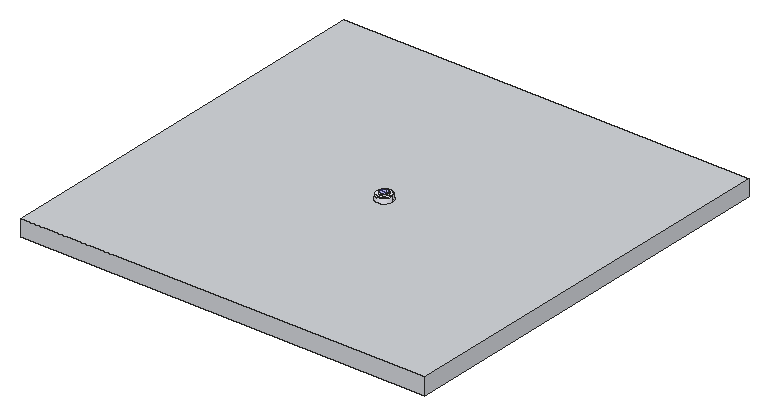
Revit family "BEG-92880", category Dispositifs d'éclairage, Revit 2015
Parameters
  Detection zone [instance] = yes
  Seat area [instance] = height position < 301 cm  # yes
  URL = "http://www.luxomat.com/en-92880"
  Type of output = "KNX"
  Ambiant temperature = "-25°C to +50°C"
  Ref = "92880"
  Relay = "0"
  height position [instance] = 250 cm
  direct Range [instance] = height position * 2.4  # 600 cm
  transversal Range [instance] = height position * 4  # 1000 cm
  Modèle = "PD2-KNX-SM"
  Installation type = "Ceiling"
  Brand = "LUXOMAT"
  Image du type = 92550.jpg
  IP = "20"
  Mounting height max = Installation height max  # 300 cm
  Installation height max = 300 cm
  Fabricant = "B.E.G"
  Label [instance] = yes
  Default Elevation = 0 cm
  Consumption = "7mA"
  Commentaires du type = "Occupancy detector PD2-KNX-SM"
  Code d'assemblage = "D5010200"
  Class = "2"
  Switching power LED = "0"
  Switching power Cos ɸ =1 = "0"
  Switching power Cos ɸ =0.5 = "0"
  Power voltage = "24 V DC BUS"
  seated activity [instance] = height position * 1.6  # 400 cm
Reference planes (cm)
  plane 1 "Centre (avant/arrière)": y = 0
  plane 2: z = 0
  plane 3 "Centre (gauche/droite)": x = 0
Forms (cm)
  Extrusion 1, solid
    sketch origin (0, 0, 0) x (1, 0, 0) y (0, 1, 0)
      loop
        line (-121.92, 121.92) -> (-121.92, -121.92) -> (121.92, -121.92) -> (121.92, 121.92) -> (-121.92, 121.92)
    from 0 to -10
Dimensions and locks (cm)
  aligned and locked: plane 2 to Extrusion 1
  aligned and locked: level to Extrusion 1
  aligned and locked: nested 2 to plane 2
Nested families (cm)
  nested 1: "Famille1" at (0, -72.6659, 0) x (-1, 0, 0) z (0, 0, 1), reference <- "Ref", modele <- "Modèle", visible <- "Label", type "Famille1"
    with reference "92880", modele "PD2-KNX-SM"
  nested 2: "M8" at (0, 0, 0), type "Standard"
  nested 3: "zone G" at (0, 0, 0) x (-1, 0, 0) z (0, 0, 1), visible <- "Detection zone", activité assise <- "seated activity", biais <- "transversal Range", frontal <- "direct Range", Zone assise <- "Seat area", type "zone G"
    with position 2 240 cm, position 1 400 cm, frontal 600 cm, biais 1000 cm, activité assise 400 cm, Zone assise yes
  nested 4: "Plafond 360° 2D" at (0, 0, 0), type "Plafond 360° 2D"
Connectors (cm)
  electrical at (0, 0, 0)
    settings: on nested 2, index 1, voltage 24 V, apparent load 0 VA, apparent load phase1 0 VA, apparent load phase2 0 VA, apparent load phase3 0 VA, power factor 1, load classification "Eclairage", number of poles 1, system type 31, power factor state 1, is connector primary yes, connector utility no, sub classification motor no, connector description ""
Definition of nested family "M8"
  Reference planes (cm)
    plane 1 "Centre (avant/arrière)": y = 0
    plane 2: z = 0
    plane 3 "Centre (gauche/droite)": x = 0
    plane 4: y = 0
  Forms (cm)
    Revolve 1, solid
      sketch origin (0, 0, 0) x (-1, 0, 0) y (0, 0, 1)
        loop
          line (0, 0) -> (0, 3.6) -> (-2.45, 3.6) -> (-2.6598, 3.35) -> (-2.6598, 3.1) -> (-4.3661, 2.8) -> (-4.69, 2.4) -> (-4.9, 0) -> (0, 0)
        axis (0, 0) -> (0, 3.6)
      angle from 0 to 360
    Revolve 2, solid
      sketch origin (0, 0, 0) x (-1, 0, 0) y (0, 0, 1)
        loop
          line (0, 3.6) -> (0, 5)
          arc (0, 5) -> (-1.3892, 4.6244) -> (-2.4, 3.6) r 2.7571
          line (-2.4, 3.6) -> (0, 3.6)
        axis (0, 3.6) -> (0, 5)
      angle from 0 to 360
  Lines and regions (cm)
    reference lines
      curve 1: line (0, 0, 0) -> (0, 0, 5)
      curve 2: line (2.45, 0, 3.6) -> (0, 0, 3.6)
      curve 3: line (2.6598, 0, 3.35) -> (2.45, 0, 3.6)
      curve 4: line (2.6598, 0, 3.35) -> (2.6598, 0, 3.1)
      curve 5: line (4.3661, 0, 2.8) -> (2.6598, 0, 3.1)
      curve 6: line (4.69, 0, 2.4) -> (4.3661, 0, 2.8)
      curve 7: line (4.9, 0, 0) -> (4.69, 0, 2.4)
      curve 8: line (0, 0, 0) -> (4.9, 0, 0)
      curve 9: line (0, 0, 5) -> (0, 0, 3.6)
      curve 10: arc (0, 0, 5) -> (1.3892, 0, 4.6244) -> (2.4, 0, 3.6) r 2.7571
      curve 11: line (0, 0, 3.6) -> (2.4, 0, 3.6)
      curve 12: line (0, 0, 0) -> (0, 0, 5)
  Dimensions and locks (cm)
    aligned and locked: level to plane 2
    aligned and locked: Revolve 1 sketch curve to curve 1  (x2)
    aligned and locked: Revolve 1 sketch curve to curve 2
    aligned and locked: Revolve 1 sketch curve to curve 3
    aligned and locked: Revolve 1 sketch curve to curve 4
    aligned and locked: Revolve 1 sketch curve to curve 5
    aligned and locked: Revolve 1 sketch curve to curve 6
    aligned and locked: Revolve 1 sketch curve to curve 7
    aligned and locked: Revolve 1 sketch curve to curve 8
    aligned and locked: Revolve 2 sketch curve to curve 9
    aligned and locked: Revolve 2 sketch curve to curve 10
    aligned and locked: Revolve 2 sketch curve to curve 11
    aligned and locked: Revolve 2 sketch curve to curve 12
Definition of nested family "Famille1"
  Parameters (values of type "Famille1")
    reference [instance] = ""
    modele [instance] = ""
  Reference planes (cm)
    plane 1: y = 0
    plane 2: x = 0
  Text (cm)
    label "reference\n\nmodele" at (0.0074, 0.0451, 0), shows "reference", "modele"
Definition of nested family "zone G"
  Parameters (values of type "zone G")
    position 2 [instance] = (frontal / 2) * 0.8  # 240 cm
    position 1 [instance] = (biais / 2) * 0.8  # 400 cm
    frontal [instance] = 600 cm
    biais [instance] = 1000 cm
    activité assise [instance] = 400 cm
    Zone assise [instance] = yes
  Reference planes (cm)
    plane 1 "Centre (avant/arrière)": y = 0
    plane 2: z = 0
    plane 3 "Centre (gauche/droite)": x = 0
    plane 4: x = -400
    plane 5: y = -240
  Lines and regions (cm)
    detail lines, in view "Niveau de réf.", visible <- "Zone assise"
      curve 1: circle (0, 0, 0) r 200 normal (0, 0, 1)
      curve 4: spline (-105.2767, 3.2118, 0) -> (-104.9106, 3.0586, 0) -> (-103.8375, 2.9158, 0) -> (-102.1303, 2.7932, 0) -> (-99.9055, 2.6991, 0) -> (-97.3146, 2.6399, 0) -> (-94.5343, 2.6198, 0) -> (-91.7539, 2.6399, 0) -> (-89.163, 2.6991, 0) -> (-86.9382, 2.7932, 0) -> (-85.231, 2.9158, 0) -> (-84.1579, 3.0586, 0) -> (-83.7918, 3.2118, 0) -> (-84.1579, 3.365, 0) -> (-85.231, 3.5078, 0) -> (-86.9382, 3.6305, 0) -> (-89.163, 3.7245, 0) -> (-91.7539, 3.7837, 0) -> (-94.5343, 3.8039, 0) -> (-97.3146, 3.7837, 0) -> (-99.9055, 3.7245, 0) -> (-102.1303, 3.6305, 0) -> (-103.8375, 3.5078, 0) -> (-104.9106, 3.365, 0) -> (-105.2767, 3.2118, 0)
      curve 5: line (-105.2767, 3.2118, 0) -> (-103.7271, 3.5181, 0)
      curve 6: arc (-102.6495, -16.5888, 0) -> (-107.2915, -17.186, 0) -> (-111.6311, -18.9388, 0) r 18.3388
      curve 7: arc (-111.6311, -18.9388, 0) -> (-111.6982, -19.0046, 0) -> (-111.7229, -19.0953, 0) r 0.1799
      curve 8: arc (-102.4571, -17.1805, 0) -> (-106.7473, -17.5804, 0) -> (-110.8538, -18.8852, 0) r 20.1051
      curve 9: arc (-110.8538, -18.8852, 0) -> (-111.0396, -18.979, 0) -> (-111.2122, -19.0953, 0) r 1.6679
      curve 10: circle (-111.4676, -19.8292, 0) r 0.5096 normal (0, 0, 1)
      curve 11: arc (-110.898, -19.8292, 0) -> (-111.4676, -19.2597, 0) -> (-112.0372, -19.8292, 0) r 0.5696
      curve 12: arc (-110.838, -19.8292, 0) -> (-111.4676, -19.1997, 0) -> (-112.0972, -19.8292, 0) r 0.6296
      curve 13: arc (-86.4191, -16.5888, 0) -> (-81.7771, -17.186, 0) -> (-77.4374, -18.9388, 0) r 18.3388
      curve 14: arc (-77.4374, -18.9388, 0) -> (-77.3704, -19.0046, 0) -> (-77.3456, -19.0953, 0) r 0.1799
      curve 15: arc (-86.6114, -17.1805, 0) -> (-82.3212, -17.5804, 0) -> (-78.2147, -18.8852, 0) r 20.1051
      curve 16: arc (-78.2147, -18.8852, 0) -> (-78.0289, -18.979, 0) -> (-77.8563, -19.0953, 0) r 1.6679
      curve 17: circle (-77.6009, -19.8292, 0) r 0.5096 normal (0, 0, 1)
      curve 18: arc (-77.0314, -19.8292, 0) -> (-77.6009, -19.2597, 0) -> (-78.1705, -19.8292, 0) r 0.5696
      curve 19: arc (-76.9714, -19.8292, 0) -> (-77.6009, -19.1997, 0) -> (-78.2305, -19.8292, 0) r 0.6296
      curve 20: arc (-95.2593, -16.5888, 0) -> (-98.9871, -17.441, 0) -> (-102.5056, -18.9388, 0) r 21.5424
      curve 21: arc (-102.5056, -18.9388, 0) -> (-102.5726, -19.0046, 0) -> (-102.5974, -19.0953, 0) r 0.1799
      curve 22: arc (-95.2593, -17.1805, 0) -> (-98.5536, -17.8061, 0) -> (-101.7283, -18.8852, 0) r 23.9713
      curve 23: arc (-101.7283, -18.8852, 0) -> (-101.911, -18.9772, 0) -> (-102.081, -19.0909, 0) r 1.6679
      curve 24: arc (-95.0229, -17.1805, 0) -> (-98.2689, -17.8294, 0) -> (-101.4063, -18.8852, 0) r 26.0219
      curve 25: arc (-101.4063, -18.8852, 0) -> (-101.592, -18.979, 0) -> (-101.7647, -19.0953, 0) r 1.6679
      curve 26: circle (-102.181, -19.8292, 0) r 0.5096 normal (0, 0, 1)
      curve 27: arc (-101.6114, -19.8292, 0) -> (-102.181, -19.2597, 0) -> (-102.7506, -19.8292, 0) r 0.5696
      curve 28: arc (-101.5514, -19.8292, 0) -> (-102.181, -19.1997, 0) -> (-102.8106, -19.8292, 0) r 0.6296
      curve 29: arc (-93.8092, -16.5888, 0) -> (-90.0814, -17.441, 0) -> (-86.5629, -18.9388, 0) r 21.5424
      curve 30: arc (-86.5629, -18.9388, 0) -> (-86.4959, -19.0046, 0) -> (-86.4711, -19.0953, 0) r 0.1799
      curve 31: arc (-93.8092, -17.1805, 0) -> (-90.5149, -17.8061, 0) -> (-87.3402, -18.8852, 0) r 23.9713
      curve 32: arc (-87.3402, -18.8852, 0) -> (-87.1544, -18.979, 0) -> (-86.9818, -19.0953, 0) r 1.6679
      curve 33: arc (-94.0457, -17.1805, 0) -> (-90.7996, -17.8294, 0) -> (-87.6622, -18.8852, 0) r 26.0219
      curve 34: arc (-87.6622, -18.8852, 0) -> (-87.4765, -18.979, 0) -> (-87.3039, -19.0953, 0) r 1.6679
      curve 35: circle (-86.8875, -19.8292, 0) r 0.5096 normal (0, 0, 1)
      curve 36: arc (-86.3179, -19.8292, 0) -> (-86.8875, -19.2597, 0) -> (-87.4571, -19.8292, 0) r 0.5696
      curve 37: arc (-86.2579, -19.8292, 0) -> (-86.8875, -19.1997, 0) -> (-87.5171, -19.8292, 0) r 0.6296
      curve 38: arc (-103.0079, 8.8705, 0) -> (-101.8776, 5.8173, 0) -> (-98.8653, 4.5819, 0) r 4.0512
      curve 39: arc (-83.7186, 4.2269, 0) -> (-82.9538, 3.7817, 0) -> (-82.7946, 2.9112, 0) r 1.0582
      curve 40: arc (-82.7946, 2.9112, 0) -> (-84.0889, -6.227, 0) -> (-84.0703, -15.4564, 0) r 64.7189
      curve 41: arc (-84.0703, -15.4564, 0) -> (-83.933, -16.0031, 0) -> (-83.4527, -16.2981, 0) r 0.7467
      curve 42: arc (-83.4527, -16.2981, 0) -> (-80.3714, -16.8717, 0) -> (-77.238, -16.9405, 0) r 19.3577
      curve 43: arc (-77.238, -16.9405, 0) -> (-77.6363, -16.4391, 0) -> (-78.2461, -16.244, 0) r 1.1013
      curve 44: arc (-78.2461, -16.244, 0) -> (-80.4274, -15.8096, 0) -> (-82.5587, -15.1742, 0) r 23.8747
      curve 45: arc (-82.5587, -15.1742, 0) -> (-81.6045, -6.5488, 0) -> (-80.848, 2.0961, 0) r 379.1961
      curve 46: arc (-80.848, 2.0961, 0) -> (-81.0708, 4.8418, 0) -> (-83.0581, 6.7494, 0) r 3.8846
      curve 47: arc (-83.0581, 6.7494, 0) -> (-89.2141, 8.8147, 0) -> (-95.6542, 9.6431, 0) r 33.2193
      curve 48: arc (-95.6542, 9.6431, 0) -> (-94.8516, 17.305, 0) -> (-94.8609, 25.0089, 0) r 72.9952
      curve 49: arc (-95.1116, 28.28, 0) -> (-95.2196, 29.2958, 0) -> (-95.3418, 30.31, 0) r 72.9952
      curve 50: arc (-98.1747, 30.0752, 0) -> (-100.3426, 29.2913, 0) -> (-99.4886, 27.1501, 0) r 1.6042
      curve 51: arc (-95.3418, 30.31, 0) -> (-98.7298, 32.2574, 0) -> (-102.1179, 30.31, 0) r 3.9209
      curve 52: arc (-68.8418, 20.3177, 0) -> (-68.8537, 20.2265, 0) -> (-68.9411, 20.2549, 0) r 0.0597
      curve 53: arc (-70.9776, 20.5408, 0) -> (-70.9496, 20.3832, 0) -> (-71.1082, 20.3621, 0) r 0.1108
      curve 54: spline (-98.8908, 41.6409, 0) -> (-97.9793, 41.5103, 0) -> (-97.1229, 41.0855, 0) -> (-96.38, 40.3954, 0) -> (-95.8012, 39.4871, 0) -> (-95.426, 38.4224, 0) -> (-95.2799, 37.274, 0) -> (-95.3728, 36.12, 0) -> (-95.6985, 35.0392, 0) -> (-96.2348, 34.1051, 0) -> (-96.945, 33.3815, 0) -> (-97.7809, 32.9176, 0) -> (-98.6854, 32.7451, 0) -> (-99.5969, 32.8757, 0) -> (-100.4532, 33.3005, 0) -> (-101.1961, 33.9906, 0) -> (-101.7749, 34.8989, 0) -> (-102.1502, 35.9636, 0) -> (-102.2963, 37.112, 0) -> (-102.2033, 38.266, 0) -> (-101.8776, 39.3468, 0) -> (-101.3414, 40.2809, 0) -> (-100.6311, 41.0045, 0) -> (-99.7953, 41.4684, 0) -> (-98.8908, 41.6409, 0)
      curve 55: line (-74.1608, -20.3388, 0) -> (-33.3759, -20.3388, 0)
      curve 56: line (-33.3759, -20.3388, 0) -> (-33.3759, 18.6681, 0)
      curve 57: line (-33.3759, 18.6681, 0) -> (-74.1608, 18.6681, 0)
      curve 58: line (-74.1608, 18.6681, 0) -> (-74.1608, -20.3388, 0)
      curve 59: line (-74.1608, -20.3388, 0) -> (-120.7181, -20.3388, 0)
      curve 60: line (-80.1025, 18.6681, 0) -> (-27.4342, 18.6681, 0)
      curve 61: line (-27.4342, 18.6681, 0) -> (-27.4342, 20.1345, 0)
      curve 62: line (-27.4342, 20.1345, 0) -> (-80.1025, 20.1345, 0)
      curve 63: line (-80.1025, 20.1345, 0) -> (-80.1025, 18.6681, 0)
      curve 64: line (-95.5223, 2.6198, 0) -> (-93.5462, 2.6198, 0)
      curve 65: line (-93.5462, 2.6198, 0) -> (-93.5462, -16.5888, 0)
      curve 66: line (-93.5462, -16.5888, 0) -> (-95.5223, -16.5888, 0)
      curve 67: line (-95.5223, -16.5888, 0) -> (-95.5223, 2.6198, 0)
      curve 68: line (-95.5223, -16.5888, 0) -> (-102.6495, -16.5888, 0)
      curve 69: line (-111.7229, -19.0953, 0) -> (-111.2122, -19.0953, 0)
      curve 70: line (-93.8092, -16.5888, 0) -> (-94.0457, -17.1805, 0)
      curve 71: line (-94.0457, -17.1805, 0) -> (-93.8092, -17.1805, 0)
      curve 72: line (-93.8092, -17.1805, 0) -> (-94.5343, -17.1805, 0)
      curve 73: line (-94.5343, -17.1805, 0) -> (-95.2593, -17.1805, 0)
      curve 74: line (-95.2593, -17.1805, 0) -> (-95.0229, -17.1805, 0)
      curve 75: line (-95.0229, -17.1805, 0) -> (-95.2593, -16.5888, 0)
      curve 76: line (-98.1226, -17.1805, 0) -> (-102.4571, -17.1805, 0)
      curve 77: line (-112.0372, -19.8292, 0) -> (-112.0972, -19.8292, 0)
      curve 78: line (-110.898, -19.8292, 0) -> (-110.838, -19.8292, 0)
      curve 79: line (-111.3676, -19.2076, 0) -> (-111.3676, -19.0953, 0)
      curve 80: line (-111.5676, -19.2076, 0) -> (-111.5676, -19.0953, 0)
      curve 81: line (-93.5462, -16.5888, 0) -> (-86.4191, -16.5888, 0)
      curve 82: line (-77.3456, -19.0953, 0) -> (-77.8563, -19.0953, 0)
      curve 83: line (-90.9459, -17.1805, 0) -> (-86.6114, -17.1805, 0)
      curve 84: line (-77.0314, -19.8292, 0) -> (-76.9714, -19.8292, 0)
      curve 85: line (-78.1705, -19.8292, 0) -> (-78.2305, -19.8292, 0)
      curve 86: line (-77.7009, -19.2076, 0) -> (-77.7009, -19.0953, 0)
      curve 87: line (-77.5009, -19.2076, 0) -> (-77.5009, -19.0953, 0)
      curve 88: line (-102.5974, -19.0953, 0) -> (-101.7647, -19.0953, 0)
      curve 89: line (-102.7506, -19.8292, 0) -> (-102.8106, -19.8292, 0)
      curve 90: line (-101.6114, -19.8292, 0) -> (-101.5514, -19.8292, 0)
      curve 91: line (-102.081, -19.2076, 0) -> (-102.081, -19.0909, 0)
      curve 92: line (-102.281, -19.2076, 0) -> (-102.281, -19.0953, 0)
      curve 93: line (-86.4711, -19.0953, 0) -> (-87.3039, -19.0953, 0)
      curve 94: line (-86.3179, -19.8292, 0) -> (-86.2579, -19.8292, 0)
      curve 95: line (-87.4571, -19.8292, 0) -> (-87.5171, -19.8292, 0)
      curve 96: line (-86.9875, -19.2076, 0) -> (-86.9875, -19.0953, 0)
      curve 97: line (-86.7875, -19.2076, 0) -> (-86.7875, -19.0953, 0)
      curve 98: line (-98.8653, 4.5819, 0) -> (-83.7186, 4.2269, 0)
      curve 99: line (-103.0079, 8.8705, 0) -> (-102.1179, 30.31, 0)
      curve 100: line (-98.1747, 30.0752, 0) -> (-85.3255, 22.5448, 0)
      curve 101: line (-85.3255, 22.5448, 0) -> (-74.2929, 21.667, 0)
      curve 102: line (-74.2929, 21.667, 0) -> (-71.6033, 21.7219, 0)
      curve 103: line (-71.6033, 21.7219, 0) -> (-69.7371, 21.2829, 0)
      curve 104: line (-69.7371, 21.2829, 0) -> (-68.8418, 20.3177, 0)
      curve 105: line (-68.9411, 20.2549, 0) -> (-69.7808, 21.0896, 0)
      curve 106: line (-69.7808, 21.0896, 0) -> (-71.6115, 21.2989, 0)
      curve 107: line (-71.6115, 21.2989, 0) -> (-72.0159, 21.0248, 0)
      curve 108: line (-72.0159, 21.0248, 0) -> (-70.9776, 20.5408, 0)
      curve 109: line (-71.1082, 20.3621, 0) -> (-72.6656, 20.8949, 0)
      curve 110: line (-72.6656, 20.8949, 0) -> (-74.496, 20.6558, 0)
      curve 111: line (-74.496, 20.6558, 0) -> (-86.0144, 20.9158, 0)
      curve 112: line (-86.0144, 20.9158, 0) -> (-99.4886, 27.1501, 0)
      curve 113: line (-99.8644, 32.9741, 0) -> (-99.9944, 32.0479, 0)
      curve 114: line (-97.5142, 33.0301, 0) -> (-97.3718, 32.0147, 0)
      curve 115: line (-33.3759, -20.3388, 0) -> (-21.8014, -20.3388, 0)
    detail lines, in view "Niveau de réf."
      curve 2: circle (0, 0, 0) r 300 normal (0, 0, 1)
      curve 3: circle (0, 0, 0) r 500 normal (0, 0, 1)
      curve 116: spline (2.3068, -267.7265, 0) -> (4.0856, -267.3949, 0) -> (5.7432, -266.4226, 0) -> (7.1667, -264.876, 0) -> (8.2589, -262.8603, 0) -> (8.9455, -260.5131, 0) -> (9.1797, -257.9942, 0) -> (8.9455, -255.4753, 0) -> (8.2589, -253.1281, 0) -> (7.1667, -251.1125, 0) -> (5.7432, -249.5658, 0) -> (4.0856, -248.5936, 0) -> (2.3068, -248.262, 0) -> (0.5279, -248.5936, 0) -> (-1.1297, -249.5658, 0) -> (-2.5531, -251.1125, 0) -> (-3.6453, -253.1281, 0) -> (-4.3319, -255.4753, 0) -> (-4.5661, -257.9942, 0) -> (-4.3319, -260.5131, 0) -> (-3.6453, -262.8603, 0) -> (-2.5531, -264.876, 0) -> (-1.1297, -266.4226, 0) -> (0.5279, -267.3949, 0) -> (2.3068, -267.7265, 0)
      curve 117: line (-4.7649, -255.0929, 0) -> (0.5136, -267.9212, 0)
      curve 118: line (3.5648, -268.0775, 0) -> (9.2455, -254.5266, 0)
      curve 119: line (-0.3759, -248.4588, 0) -> (-3.0011, -250.8806, 0)
      curve 120: line (3.5053, -268.5045, 0) -> (6.62, -268.3756, 0)
      curve 121: line (1.7304, -268.3525, 0) -> (3.5053, -268.5045, 0)
      curve 122: line (-4.7649, -255.0929, 0) -> (0.5136, -267.9212, 0)
      curve 123: line (-21.1936, -255.3894, 0) -> (-24.4202, -257.3623, 0)
      curve 124: line (-21.1936, -255.3894, 0) -> (-24.4202, -257.3623, 0)
      curve 125: line (-0.3759, -248.4588, 0) -> (-3.0011, -250.8806, 0)
      curve 126: line (1.7304, -268.3525, 0) -> (6.62, -268.3756, 0)
      curve 127: line (3.5648, -268.0775, 0) -> (9.2455, -254.5266, 0)
      curve 128: line (0, -240, 0) -> (0, -209.0788, 0)
      curve 129: line (0, -209.0788, 0) -> (0, -200.7814, 0)
      curve 130: spline (-397.6932, -27.7265, 0) -> (-395.9144, -27.3949, 0) -> (-394.2568, -26.4226, 0) -> (-392.8333, -24.876, 0) -> (-391.7411, -22.8603, 0) -> (-391.0545, -20.5131, 0) -> (-390.8203, -17.9942, 0) -> (-391.0545, -15.4753, 0) -> (-391.7411, -13.1281, 0) -> (-392.8333, -11.1125, 0) -> (-394.2568, -9.5658, 0) -> (-395.9144, -8.5936, 0) -> (-397.6932, -8.262, 0) -> (-399.4721, -8.5936, 0) -> (-401.1297, -9.5658, 0) -> (-402.5531, -11.1125, 0) -> (-403.6453, -13.1281, 0) -> (-404.3319, -15.4753, 0) -> (-404.5661, -17.9942, 0) -> (-404.3319, -20.5131, 0) -> (-403.6453, -22.8603, 0) -> (-402.5531, -24.876, 0) -> (-401.1297, -26.4226, 0) -> (-399.4721, -27.3949, 0) -> (-397.6932, -27.7265, 0)
      curve 131: line (-404.7649, -15.0929, 0) -> (-399.4864, -27.9212, 0)
      curve 132: line (-396.4352, -28.0775, 0) -> (-390.7545, -14.5266, 0)
      curve 133: line (-400.3759, -8.4588, 0) -> (-403.0011, -10.8806, 0)
      curve 134: line (-396.4947, -28.5045, 0) -> (-393.38, -28.3756, 0)
      curve 135: line (-398.2696, -28.3525, 0) -> (-396.4947, -28.5045, 0)
      curve 136: line (-404.7649, -15.0929, 0) -> (-399.4864, -27.9212, 0)
      curve 137: line (-421.1936, -15.3894, 0) -> (-424.4202, -17.3623, 0)
      curve 138: line (-421.1936, -15.3894, 0) -> (-424.4202, -17.3623, 0)
      curve 139: line (-400.3759, -8.4588, 0) -> (-403.0011, -10.8806, 0)
      curve 140: line (-398.2696, -28.3525, 0) -> (-393.38, -28.3756, 0)
      curve 141: line (-396.4352, -28.0775, 0) -> (-390.7545, -14.5266, 0)
      curve 142: line (-400, 0, 0) -> (-400, 30.9212, 0)
      curve 143: line (-400, 30.9212, 0) -> (-400, 39.2186, 0)
    detail lines, in view "Niveau de réf.", visible <- "Zone assise", not visible
      curve 144: spline (925.976, -22.5654, 0) -> (926.342, -22.7186, 0) -> (927.4152, -22.8614, 0) -> (929.1224, -22.984, 0) -> (931.3472, -23.0781, 0) -> (933.938, -23.1373, 0) -> (936.7184, -23.1574, 0) -> (939.4987, -23.1373, 0) -> (942.0896, -23.0781, 0) -> (944.3144, -22.984, 0) -> (946.0216, -22.8614, 0) -> (947.0948, -22.7186, 0) -> (947.4608, -22.5654, 0) -> (947.0948, -22.4122, 0) -> (946.0216, -22.2694, 0) -> (944.3144, -22.1467, 0) -> (942.0896, -22.0527, 0) -> (939.4987, -21.9935, 0) -> (936.7184, -21.9733, 0) -> (933.938, -21.9935, 0) -> (931.3472, -22.0527, 0) -> (929.1224, -22.1467, 0) -> (927.4152, -22.2694, 0) -> (926.342, -22.4122, 0) -> (925.976, -22.5654, 0)
      curve 145: line (925.976, -22.5654, 0) -> (927.5256, -22.2591, 0)
      curve 146: arc (928.6032, -42.366, 0) -> (923.9612, -42.9632, 0) -> (919.6215, -44.716, 0) r 18.3388
      curve 147: arc (919.6215, -44.716, 0) -> (919.5545, -44.7818, 0) -> (919.5297, -44.8725, 0) r 0.1799
      curve 148: arc (928.7956, -42.9577, 0) -> (924.5053, -43.3576, 0) -> (920.3988, -44.6624, 0) r 20.1051
      curve 149: arc (920.3988, -44.6624, 0) -> (920.213, -44.7562, 0) -> (920.0404, -44.8725, 0) r 1.6679
      curve 150: circle (919.7851, -45.6065, 0) r 0.5096 normal (0, 0, 1)
      curve 151: arc (920.3547, -45.6065, 0) -> (919.7851, -45.0369, 0) -> (919.2155, -45.6065, 0) r 0.5696
      curve 152: arc (920.4147, -45.6065, 0) -> (919.7851, -44.9769, 0) -> (919.1555, -45.6065, 0) r 0.6296
      curve 153: arc (944.8336, -42.366, 0) -> (949.4756, -42.9632, 0) -> (953.8152, -44.716, 0) r 18.3388
      curve 154: arc (953.8152, -44.716, 0) -> (953.8823, -44.7818, 0) -> (953.907, -44.8725, 0) r 0.1799
      curve 155: arc (944.6412, -42.9577, 0) -> (948.9315, -43.3576, 0) -> (953.038, -44.6624, 0) r 20.1051
      curve 156: arc (953.038, -44.6624, 0) -> (953.2237, -44.7562, 0) -> (953.3964, -44.8725, 0) r 1.6679
      curve 157: circle (953.6517, -45.6065, 0) r 0.5096 normal (0, 0, 1)
      curve 158: arc (954.2213, -45.6065, 0) -> (953.6517, -45.0369, 0) -> (953.0821, -45.6065, 0) r 0.5696
      curve 159: arc (954.2813, -45.6065, 0) -> (953.6517, -44.9769, 0) -> (953.0221, -45.6065, 0) r 0.6296
      curve 160: arc (935.9933, -42.366, 0) -> (932.2655, -43.2182, 0) -> (928.7471, -44.716, 0) r 21.5424
      curve 161: arc (928.7471, -44.716, 0) -> (928.68, -44.7818, 0) -> (928.6553, -44.8725, 0) r 0.1799
      curve 162: arc (935.9933, -42.9577, 0) -> (932.6991, -43.5833, 0) -> (929.5243, -44.6624, 0) r 23.9713
      curve 163: arc (929.5243, -44.6624, 0) -> (929.3417, -44.7544, 0) -> (929.1716, -44.8681, 0) r 1.6679
      curve 164: arc (936.2298, -42.9577, 0) -> (932.9838, -43.6066, 0) -> (929.8464, -44.6624, 0) r 26.0219
      curve 165: arc (929.8464, -44.6624, 0) -> (929.6606, -44.7562, 0) -> (929.488, -44.8725, 0) r 1.6679
      curve 166: circle (929.0716, -45.6065, 0) r 0.5096 normal (0, 0, 1)
      curve 167: arc (929.6412, -45.6065, 0) -> (929.0716, -45.0369, 0) -> (928.502, -45.6065, 0) r 0.5696
      curve 168: arc (929.7012, -45.6065, 0) -> (929.0716, -44.9769, 0) -> (928.442, -45.6065, 0) r 0.6296
      curve 169: arc (937.4435, -42.366, 0) -> (941.1713, -43.2182, 0) -> (944.6897, -44.716, 0) r 21.5424
      curve 170: arc (944.6897, -44.716, 0) -> (944.7568, -44.7818, 0) -> (944.7815, -44.8725, 0) r 0.1799
      curve 171: arc (937.4435, -42.9577, 0) -> (940.7377, -43.5833, 0) -> (943.9124, -44.6624, 0) r 23.9713
      curve 172: arc (943.9124, -44.6624, 0) -> (944.0982, -44.7562, 0) -> (944.2708, -44.8725, 0) r 1.6679
      curve 173: arc (937.207, -42.9577, 0) -> (940.453, -43.6066, 0) -> (943.5904, -44.6624, 0) r 26.0219
      curve 174: arc (943.5904, -44.6624, 0) -> (943.7762, -44.7562, 0) -> (943.9488, -44.8725, 0) r 1.6679
      curve 175: circle (944.3651, -45.6065, 0) r 0.5096 normal (0, 0, 1)
      curve 176: arc (944.9347, -45.6065, 0) -> (944.3651, -45.0369, 0) -> (943.7956, -45.6065, 0) r 0.5696
      curve 177: arc (944.9947, -45.6065, 0) -> (944.3651, -44.9769, 0) -> (943.7356, -45.6065, 0) r 0.6296
      curve 178: arc (928.2447, -16.9067, 0) -> (929.3751, -19.9599, 0) -> (932.3873, -21.1953, 0) r 4.0512
      curve 179: arc (947.5341, -21.5503, 0) -> (948.2989, -21.9955, 0) -> (948.4581, -22.866, 0) r 1.0582
      curve 180: arc (948.4581, -22.866, 0) -> (947.1637, -32.0042, 0) -> (947.1824, -41.2336, 0) r 64.7189
      curve 181: arc (947.1824, -41.2336, 0) -> (947.3196, -41.7803, 0) -> (947.8, -42.0753, 0) r 0.7467
      curve 182: arc (947.8, -42.0753, 0) -> (950.8812, -42.6489, 0) -> (954.0146, -42.7177, 0) r 19.3577
      curve 183: arc (954.0146, -42.7177, 0) -> (953.6164, -42.2163, 0) -> (953.0065, -42.0212, 0) r 1.1013
      curve 184: arc (953.0065, -42.0212, 0) -> (950.8253, -41.5868, 0) -> (948.6939, -40.9514, 0) r 23.8747
      curve 185: arc (948.6939, -40.9514, 0) -> (949.6481, -32.326, 0) -> (950.4047, -23.6811, 0) r 379.1961
      curve 186: arc (950.4047, -23.6811, 0) -> (950.1819, -20.9354, 0) -> (948.1945, -19.0278, 0) r 3.8846
      curve 187: arc (948.1945, -19.0278, 0) -> (942.0386, -16.9625, 0) -> (935.5985, -16.1341, 0) r 33.2193
      curve 188: arc (935.5985, -16.1341, 0) -> (936.4011, -8.4722, 0) -> (936.3918, -0.7683, 0) r 72.9952
      curve 189: arc (936.1411, 2.5028, 0) -> (936.0331, 3.5186, 0) -> (935.9108, 4.5328, 0) r 72.9952
      curve 190: arc (933.0779, 4.298, 0) -> (930.9101, 3.5141, 0) -> (931.7641, 1.3729, 0) r 1.6042
      curve 191: arc (935.9108, 4.5328, 0) -> (932.5228, 6.4802, 0) -> (929.1348, 4.5328, 0) r 3.9209
      curve 192: arc (962.4108, -5.4595, 0) -> (962.3989, -5.5507, 0) -> (962.3115, -5.5223, 0) r 0.0597
      curve 193: arc (960.275, -5.2364, 0) -> (960.303, -5.394, 0) -> (960.1444, -5.4151, 0) r 0.1108
      curve 194: spline (932.3619, 15.8637, 0) -> (933.2734, 15.7331, 0) -> (934.1297, 15.3083, 0) -> (934.8726, 14.6182, 0) -> (935.4514, 13.7099, 0) -> (935.8267, 12.6452, 0) -> (935.9728, 11.4968, 0) -> (935.8798, 10.3428, 0) -> (935.5541, 9.262, 0) -> (935.0179, 8.3279, 0) -> (934.3076, 7.6043, 0) -> (933.4718, 7.1404, 0) -> (932.5673, 6.9679, 0) -> (931.6558, 7.0985, 0) -> (930.7994, 7.5233, 0) -> (930.0565, 8.2134, 0) -> (929.4777, 9.1217, 0) -> (929.1025, 10.1864, 0) -> (928.9564, 11.3348, 0) -> (929.0493, 12.4888, 0) -> (929.375, 13.5696, 0) -> (929.9113, 14.5037, 0) -> (930.6215, 15.2273, 0) -> (931.4574, 15.6912, 0) -> (932.3619, 15.8637, 0)
      curve 195: line (957.0918, -46.116, 0) -> (997.8768, -46.116, 0)
      curve 196: line (997.8768, -46.116, 0) -> (997.8768, -7.1091, 0)
      curve 197: line (997.8768, -7.1091, 0) -> (957.0918, -7.1091, 0)
      curve 198: line (957.0918, -7.1091, 0) -> (957.0918, -46.116, 0)
      curve 199: line (957.0918, -46.116, 0) -> (910.5345, -46.116, 0)
      curve 200: line (951.1501, -7.1091, 0) -> (1003.8185, -7.1091, 0)
      curve 201: line (1003.8185, -7.1091, 0) -> (1003.8185, -5.6427, 0)
      curve 202: line (1003.8185, -5.6427, 0) -> (951.1501, -5.6427, 0)
      curve 203: line (951.1501, -5.6427, 0) -> (951.1501, -7.1091, 0)
      curve 204: line (935.7304, -23.1574, 0) -> (937.7064, -23.1574, 0)
      curve 205: line (937.7064, -23.1574, 0) -> (937.7064, -42.366, 0)
      curve 206: line (937.7064, -42.366, 0) -> (935.7304, -42.366, 0)
      curve 207: line (935.7304, -42.366, 0) -> (935.7304, -23.1574, 0)
      curve 208: line (935.7304, -42.366, 0) -> (928.6032, -42.366, 0)
      curve 209: line (919.5297, -44.8725, 0) -> (920.0404, -44.8725, 0)
      curve 210: line (937.4435, -42.366, 0) -> (937.207, -42.9577, 0)
      curve 211: line (937.207, -42.9577, 0) -> (937.4435, -42.9577, 0)
      curve 212: line (937.4435, -42.9577, 0) -> (936.7184, -42.9577, 0)
      curve 213: line (936.7184, -42.9577, 0) -> (935.9933, -42.9577, 0)
      curve 214: line (935.9933, -42.9577, 0) -> (936.2298, -42.9577, 0)
      curve 215: line (936.2298, -42.9577, 0) -> (935.9933, -42.366, 0)
      curve 216: line (933.13, -42.9577, 0) -> (928.7956, -42.9577, 0)
      curve 217: line (919.2155, -45.6065, 0) -> (919.1555, -45.6065, 0)
      curve 218: line (920.3547, -45.6065, 0) -> (920.4147, -45.6065, 0)
      curve 219: line (919.8851, -44.9848, 0) -> (919.8851, -44.8725, 0)
      curve 220: line (919.6851, -44.9848, 0) -> (919.6851, -44.8725, 0)
      curve 221: line (937.7064, -42.366, 0) -> (944.8336, -42.366, 0)
      curve 222: line (953.907, -44.8725, 0) -> (953.3964, -44.8725, 0)
      curve 223: line (940.3068, -42.9577, 0) -> (944.6412, -42.9577, 0)
      curve 224: line (954.2213, -45.6065, 0) -> (954.2813, -45.6065, 0)
      curve 225: line (953.0821, -45.6065, 0) -> (953.0221, -45.6065, 0)
      curve 226: line (953.5517, -44.9848, 0) -> (953.5517, -44.8725, 0)
      curve 227: line (953.7517, -44.9848, 0) -> (953.7517, -44.8725, 0)
      curve 228: line (928.6553, -44.8725, 0) -> (929.488, -44.8725, 0)
      curve 229: line (928.502, -45.6065, 0) -> (928.442, -45.6065, 0)
      curve 230: line (929.6412, -45.6065, 0) -> (929.7012, -45.6065, 0)
      curve 231: line (929.1716, -44.9848, 0) -> (929.1716, -44.8681, 0)
      curve 232: line (928.9716, -44.9848, 0) -> (928.9716, -44.8725, 0)
      curve 233: line (944.7815, -44.8725, 0) -> (943.9488, -44.8725, 0)
      curve 234: line (944.9347, -45.6065, 0) -> (944.9947, -45.6065, 0)
      curve 235: line (943.7956, -45.6065, 0) -> (943.7356, -45.6065, 0)
      curve 236: line (944.2651, -44.9848, 0) -> (944.2651, -44.8725, 0)
      curve 237: line (944.4651, -44.9848, 0) -> (944.4651, -44.8725, 0)
      curve 238: line (932.3873, -21.1953, 0) -> (947.5341, -21.5503, 0)
      curve 239: line (928.2447, -16.9067, 0) -> (929.1348, 4.5328, 0)
      curve 240: line (933.0779, 4.298, 0) -> (945.9271, -3.2324, 0)
      curve 241: line (945.9271, -3.2324, 0) -> (956.9598, -4.1102, 0)
      curve 242: line (956.9598, -4.1102, 0) -> (959.6493, -4.0553, 0)
      curve 243: line (959.6493, -4.0553, 0) -> (961.5155, -4.4943, 0)
      curve 244: line (961.5155, -4.4943, 0) -> (962.4108, -5.4595, 0)
      curve 245: line (962.3115, -5.5223, 0) -> (961.4719, -4.6876, 0)
      curve 246: line (961.4719, -4.6876, 0) -> (959.6412, -4.4783, 0)
      curve 247: line (959.6412, -4.4783, 0) -> (959.2367, -4.7524, 0)
      curve 248: line (959.2367, -4.7524, 0) -> (960.275, -5.2364, 0)
      curve 249: line (960.1444, -5.4151, 0) -> (958.5871, -4.8823, 0)
      curve 250: line (958.5871, -4.8823, 0) -> (956.7566, -5.1214, 0)
      curve 251: line (956.7566, -5.1214, 0) -> (945.2383, -4.8614, 0)
      curve 252: line (945.2383, -4.8614, 0) -> (931.7641, 1.3729, 0)
      curve 253: line (931.3882, 7.1969, 0) -> (931.2583, 6.2707, 0)
      curve 254: line (933.7384, 7.2529, 0) -> (933.8809, 6.2375, 0)
      curve 255: line (997.8768, -46.116, 0) -> (1009.4512, -46.116, 0)
    detail lines, in view "Niveau de réf.", not visible
      curve 256: spline (630.3724, -48.277, 0) -> (632.1512, -47.9453, 0) -> (633.8088, -46.9731, 0) -> (635.2323, -45.4264, 0) -> (636.3245, -43.4108, 0) -> (637.0111, -41.0636, 0) -> (637.2453, -38.5447, 0) -> (637.0111, -36.0258, 0) -> (636.3245, -33.6786, 0) -> (635.2323, -31.663, 0) -> (633.8088, -30.1163, 0) -> (632.1512, -29.1441, 0) -> (630.3724, -28.8124, 0) -> (628.5935, -29.1441, 0) -> (626.9359, -30.1163, 0) -> (625.5125, -31.663, 0) -> (624.4202, -33.6786, 0) -> (623.7336, -36.0258, 0) -> (623.4995, -38.5447, 0) -> (623.7336, -41.0636, 0) -> (624.4202, -43.4108, 0) -> (625.5125, -45.4264, 0) -> (626.9359, -46.9731, 0) -> (628.5935, -47.9453, 0) -> (630.3724, -48.277, 0)
      curve 257: line (623.3007, -35.6434, 0) -> (628.5792, -48.4717, 0)
      curve 258: line (631.6303, -48.628, 0) -> (637.311, -35.0771, 0)
      curve 259: line (627.6897, -29.0093, 0) -> (625.0645, -31.4311, 0)
      curve 260: line (631.5709, -49.055, 0) -> (634.6856, -48.9261, 0)
      curve 261: line (629.7959, -48.903, 0) -> (631.5709, -49.055, 0)
      curve 262: line (623.3007, -35.6434, 0) -> (628.5792, -48.4717, 0)
      curve 263: line (606.872, -35.9399, 0) -> (603.6454, -37.9127, 0)
      curve 264: line (606.872, -35.9399, 0) -> (603.6454, -37.9127, 0)
      curve 265: line (627.6897, -29.0093, 0) -> (625.0645, -31.4311, 0)
      curve 266: line (629.7959, -48.903, 0) -> (634.6856, -48.9261, 0)
      curve 267: line (631.6303, -48.628, 0) -> (637.311, -35.0771, 0)
      curve 268: line (628.0656, -20.5505, 0) -> (628.0656, 10.3707, 0)
      curve 269: line (628.0656, 10.3707, 0) -> (628.0656, 18.6681, 0)
      curve 270: spline (1030.3724, -260.777, 0) -> (1032.1512, -260.4453, 0) -> (1033.8088, -259.4731, 0) -> (1035.2323, -257.9264, 0) -> (1036.3245, -255.9108, 0) -> (1037.0111, -253.5636, 0) -> (1037.2453, -251.0447, 0) -> (1037.0111, -248.5258, 0) -> (1036.3245, -246.1786, 0) -> (1035.2323, -244.163, 0) -> (1033.8088, -242.6163, 0) -> (1032.1512, -241.6441, 0) -> (1030.3724, -241.3124, 0) -> (1028.5935, -241.6441, 0) -> (1026.9359, -242.6163, 0) -> (1025.5125, -244.163, 0) -> (1024.4202, -246.1786, 0) -> (1023.7336, -248.5258, 0) -> (1023.4995, -251.0447, 0) -> (1023.7336, -253.5636, 0) -> (1024.4202, -255.9108, 0) -> (1025.5125, -257.9264, 0) -> (1026.9359, -259.4731, 0) -> (1028.5935, -260.4453, 0) -> (1030.3724, -260.777, 0)
      curve 271: line (1023.3007, -248.1434, 0) -> (1028.5792, -260.9717, 0)
      curve 272: line (1031.6303, -261.128, 0) -> (1037.311, -247.5771, 0)
      curve 273: line (1027.6897, -241.5093, 0) -> (1025.0645, -243.9311, 0)
      curve 274: line (1031.5709, -261.555, 0) -> (1034.6856, -261.4261, 0)
      curve 275: line (1029.7959, -261.403, 0) -> (1031.5709, -261.555, 0)
      curve 276: line (1023.3007, -248.1434, 0) -> (1028.5792, -260.9717, 0)
      curve 277: line (1006.872, -248.4399, 0) -> (1003.6454, -250.4127, 0)
      curve 278: line (1006.872, -248.4399, 0) -> (1003.6454, -250.4127, 0)
      curve 279: line (1027.6897, -241.5093, 0) -> (1025.0645, -243.9311, 0)
      curve 280: line (1029.7959, -261.403, 0) -> (1034.6856, -261.4261, 0)
      curve 281: line (1031.6303, -261.128, 0) -> (1037.311, -247.5771, 0)
      curve 282: line (1028.0656, -233.0505, 0) -> (1028.0656, -202.1293, 0)
      curve 283: line (1028.0656, -202.1293, 0) -> (1028.0656, -193.8319, 0)
  Text (cm)
    text "2" at (0.4332, -281.3743, 0), in view "Niveau de réf."
    text "1" at (-399.5668, -41.3743, 0), in view "Niveau de réf."
    text "1" at (628.4988, -61.9248, 0), in view "Niveau de réf.", not visible
    text "2" at (1028.4988, -274.4248, 0), in view "Niveau de réf.", not visible
  Dimensions and locks (cm)
    "position 1": plane 4 to plane 3 "Centre (gauche/droite)"
    "position 2": plane 5 to plane 1 "Centre (avant/arrière)"
    "activité assise": diameter of curve 1
    "biais": diameter of curve 3
    "frontal": diameter of curve 2
    aligned and locked: curve 142 to plane 1 "Centre (avant/arrière)"
    aligned and locked: curve 128 to plane 3 "Centre (gauche/droite)"
    aligned and locked: plane 4 to curve 142
    aligned and locked: plane 5 to curve 128
  Automatic sketch dimensions
    curve 1 to curve 2 = 0 cm  (x2)
    curve 1 to curve 3 = 0 cm  (x2)
    curve 2 to curve 3 = 0 cm  (x2)
    plane 1 "Centre (avant/arrière)" to curve 2 = 0 cm
    curve 2 to plane 3 "Centre (gauche/droite)" = 0 cm
Definition of nested family "Plafond 360° 2D"
  Reference planes (cm)
    plane 1: y = 0
    plane 2: x = 0
  Lines and regions (cm)
    Filled region 1, type "rouge"
      outline origin (0, 0, 0) x (1, 0, 0) y (0, 1, 0)
        loop
          circle (0, 0) r 0.0294
    detail lines
      curve 1: arc (-0.1732, 0.1, 0) -> (-0.2, 0, 0) -> (-0.1732, -0.1, 0) r 0.2
      curve 2: arc (-0.1, -0.1732, 0) -> (0, -0.2, 0) -> (0.1, -0.1732, 0) r 0.2
      curve 3: arc (0.1732, -0.1, 0) -> (0.2, 0, 0) -> (0.1732, 0.1, 0) r 0.2
      curve 4: arc (0.1, 0.1732, 0) -> (0, 0.2, 0) -> (-0.1, 0.1732, 0) r 0.2
      curve 5: arc (-0.1375, 0.0794, 0) -> (-0.1588, 0, 0) -> (-0.1375, -0.0794, 0) r 0.1588
      curve 6: arc (-0.0794, -0.1375, 0) -> (0, -0.1588, 0) -> (0.0794, -0.1375, 0) r 0.1588
      curve 7: arc (0.1375, -0.0794, 0) -> (0.1588, 0, 0) -> (0.1375, 0.0794, 0) r 0.1588
      curve 8: arc (0.0794, 0.1375, 0) -> (0, 0.1588, 0) -> (-0.0794, 0.1375, 0) r 0.1588
      curve 9: arc (-0.1019, 0.0588, 0) -> (-0.1176, 0, 0) -> (-0.1019, -0.0588, 0) r 0.1176
      curve 10: arc (-0.0588, -0.1019, 0) -> (0, -0.1176, 0) -> (0.0588, -0.1019, 0) r 0.1176
      curve 11: arc (0.1019, -0.0588, 0) -> (0.1176, 0, 0) -> (0.1019, 0.0588, 0) r 0.1176
      curve 12: arc (0.0588, 0.1019, 0) -> (0, 0.1176, 0) -> (-0.0588, 0.1019, 0) r 0.1176
      curve 13: arc (-0.0294, 0, 0) -> (0, -0.0294, 0) -> (0.0294, 0, 0) r 0.0294
      curve 14: arc (0.0294, 0, 0) -> (0, 0.0294, 0) -> (-0.0294, 0, 0) r 0.0294
